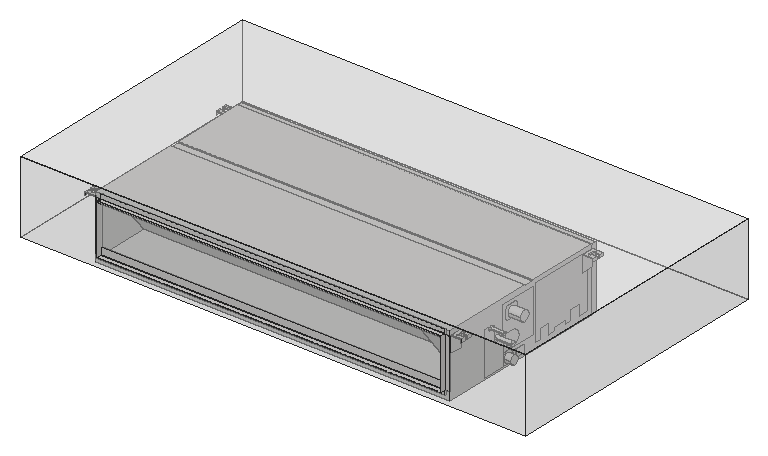
Revit family "outputfile", category 機械設備, Revit 2024
Family settings
  丸型コネクタ寸法 = 半径を使用
  パーツ タイプ = 標準
  OmniClass 番号 = 23.75.10.24.21.27.27
  OmniClass タイトル = Split System Air Conditioning Units
  作業面ベース = いいえ
  常に垂直 = はい
  ロード時にボイドで切り取り = いいえ
  注釈の向きを維持 = いいえ
  共有 = いいえ
  部屋計算ポイント = はい
Parameters (values of type "FDMC140AV1M")
  Description = ""
  書き出し IFC クラス(タイプ) = "IfcUnitaryEquipmentType"
  定義済み IFC タイプ(タイプ) = "AIRCONDITIONINGUNIT"
  Cost = 0
  Type Comments = ""
  Keynote = ""
  Type Image = (empty or 0)
  Assembly Code = ""
  switch_frequency = yes
  connector_voltage = Voltage_50Hz  # 230 V
  connector_powerinput = [Power Input (Cooling)]  # 4.110 kW
  connector_phase = Phase_50Hz  # 1
  URL = ""
  Supply Air Direction [instance] = yes
  製造元 = "Daikin"
  モデル = "FDMC140AV1M"
  w_pipe = 33 mm
  r_Liquid Pipe Size = Liquid Pipe Size / 2  # 4.75 mm
  r_Gas Pipe Size = Gas Pipe Size / 2  # 7.95 mm
  r_Drain Pipe Size = Drain Pipe Size / 2  # 16.0 mm
  lw_powersupply = Width / 2  # 700 mm
  lw_ductflange2 = 1362 mm
  lw_Width = 1362 mm
  lh_suctionflange [instance] = 100 mm
  ld_suctionflange [instance] = 190 mm
  ld_powersupply = 263 mm
  angle_vertical_RA [instance] = 90.00°
  angle horizontal_RA [instance] = 180.00°
  Voltage_comment_50Hz = "220 - 240"
  Voltage_50Hz = 230 V
  Sound Power Level_H speed (dB) = 0
  RA_length = 190 mm  # constant formula
  Phase_50Hz = 1
  Minimum External Static Pressure = 27.00 Pa
  Minimum Circuit Amps_50Hz = 0.0 A
  Maximum Fuse Amps_50Hz = 0.0 A
  Maximum External Static Pressure = 38.00 Pa
  Material_Casing = DAIKIN_GalvanizedSteel_Casing_indoorunit
  lw_liquidpipe = 757.9 mm
  lw_gaspipe = 767.5 mm
  lw_mountinghole_pitch = 1446 mm
  lw_mountinghole = 20 mm
  lw_drainpipe = 726 mm
  lh_powersupply = 43.2 mm
  lh_liquidpipe = 175 mm
  lh_gaspipe = 128 mm
  lh_mountinghole = Height + [h***] - 15 mm  # 235 mm
  lh_drainpipe = 29 mm
  lh_antena = (Height - lh_mountinghole) + 1 mm  # 16 mm
  ld_liquidpipe = 153 mm
  ld_gaspipe = 123 mm
  ld_mountinghole_pitch = 651 mm
  ld_drainpipe = 64 mm
  ld_controlbox = 626 mm
  h*** = 0 mm  # constant formula
  d_dischargeflange = 20 mm  # constant formula
  Width = 1400 mm
  Version = "ver.1.0"
  Unit Type = "Duct"
  Unit Mass Weight = 42.00 kg
  Unit Designation [instance] = ""
  Uniclass2015Version = "Products v1.30"
  Uniclass2015Title = "Split coil room air conditioning units"
  Uniclass2015Code = "Pr_70_65_03_86"
  Total Cooling Capacity [instance] = 0.000 kW
  Sound Pressure Level_M speed (dBA) = 39
  Sound Pressure Level_L speed (dBA) = 36
  Sound Pressure Level_H speed (dBA) = 42
  Series = "SkyAir_Fan Coil Unit"
  Sensible Cooling Capacity [instance] = 0.000 kW
  SA Duct Size Width = 1362 mm
  SA Duct Size Height = 200 mm
  Refrigerant Type = "R32"
  RA Duct Size Width = 1362 mm
  RA Duct Size Height = 214 mm
  Power Input (Cooling) = 4.110 kW
  Option Accessory 3 [instance] = ""
  Option Accessory 2 [instance] = ""
  Option Accessory 1 [instance] = ""
  Nominal Cooling Capacity = 14.070 kW
  Minimum Airflow = 1563.00 m³/h
  Median Airflow = 1860.00 m³/h
  Maximum Airflow = 2141.00 m³/h
  Load Classification = HVAC
  Liquid Pipe Size = 9.5 mm
  Link_Nested Family [instance] = ""
  IfcVersion = ""
  IfcExportType = "AIRCONDITIONINGUNIT"
  IfcExportAs = "IfcUnitaryEquipmentType"
  Height = 250 mm
  Heat Exchanger Type = "Cross Fin Coil"
  Gas Pipe Size = 15.9 mm
  Frequency_50Hz = 50 Hz
  Fan Type = "Sirocco Fan"
  Fan Drive = "-"
  FCU Tag No. [instance] = ""
  Drain Pipe Size = 32.0 mm
  Design Supply Airflow [instance] = 0.00 m³/h
  Design Return Airflow [instance] = 0.00 m³/h
  Design External Static Pressure [instance] = 0.00 Pa
  Depth = 700 mm
  既定の高さ = 0 mm
  Cooling Entering Wet Bulb Temperature [instance] = 0.00 °C
  Cooling Entering Dry Bulb Temperature [instance] = 0.00 °C
  Cooling Ambient Wet Bulb Temperature [instance] = 0.00 °C
  Cooling Ambient Dry Bulb Temperature [instance] = 0.00 °C
  Clearance visibility [instance] = yes
  Clearance Top = 20 mm
  Clearance Right = 300 mm
  Clearance Rear = 400 mm
  Clearance Left = 300 mm
  Clearance Front = 0 mm
  Clearance Bottom = 20 mm
Reference planes
  plane 1 "Center (Front/Back)": y = 0
  plane 2: z = 0
  plane 3 "Center (Left/Right)": x = 0
  plane 4 "Back": y = 350
  plane 5 "Front": y = -350
  plane 6 "Left": x = -700
  plane 7 "Right": x = 700
  plane 8 "Top": z = 0
  plane 9 "Bottom": z = -250
  plane 10: x = 681
  plane 11: x = -680.2
  plane 12: z = -72
  plane 13: z = -75
  plane 14: z = -122
  plane 15: x = -304
  plane 16: x = 304
  plane 17: x = -723
  plane 18: x = 723
  plane 19: x = 757.9
  plane 20: x = 767.5
  plane 21: z = -15
  plane 22 "Clearance Left": x = -1000
  plane 23 "Clearance Right": x = 1000
  plane 24 "Clearance Rear": y = 750
  plane 25 "Clearance Front": y = -350
  plane 26 "Clearance Bottom": z = -270
  plane 27: z = -21
  plane 28: z = -221
  plane 29: y = -123
  plane 30: y = -153
  plane 31: y = -30
  plane 32: y = -64
  plane 33: z = -118
  plane 34: y = -349.2
  plane 35: z = -150
  plane 36: y = 160
  plane 37: z = -151
  plane 38: x = 726
  plane 39: x = 695
  plane 40: x = 565.5
  plane 41: z = 102.5
  plane 42: y = 325.5
  plane 43: y = -325.5
  plane 44: y = 17.5
  plane 45: y = 57
  plane 46: x = 703.2
  plane 47: x = 705.2
  plane 48: y = -370
  plane 49: y = 390
  plane 50: z = -125
  plane 51: z = -70.5
  plane 52: z = -75.133
  plane 53: z = -75.5
  plane 54: z = -126.5
  plane 55: z = -239.8
  plane 56: z = -22.5
  plane 57: z = -192.5
  plane 58: z = -16
  plane 59 "Clearance Top": z = 20
  plane 60: z = -206.8
  plane 61: y = 263
  plane 62: y = -200
  plane 63: y = -300
  plane 64: y = -140
Forms (mm)
  Extrusion 1, solid, material "DAIKIN_GalvanizedSteel_Casing_indoorunit" <- "Material_Casing"
    sketch origin (0, 0, 0) x (1, 0, 0) y (0, 1, 0)
      loop
        line (-700, -349.2) -> (700, -349.2) -> (700, 350) -> (-700, 350) -> (-700, -349.2)
    from -250 to 0
  Extrusion 2, void
    sketch origin (0, 0, 1) x (1, 0, 0) y (0, 1, 0)
      loop
        line (-700, 57) -> (-700, 17.5) -> (700, 17.5) -> (700, 57) -> (-700, 57)
    from -1 to -5
  Extrusion 3, void
    sketch origin (0, 0, 0) x (0, 1, 0) y (0, 0, 1)
      loop
        line (-91.914, -222) -> (-91.914, -246.5) -> (-36.314, -246.5) -> (-36.314, -219.481)
        arc (-36.314, -219.481) -> (-65.261, -194.229) -> (-91.8, -222) r 27.8
    from 700 to 695
  Revolve 4, solid, material "DAIKIN_GalvanizedSteel_Casing_indoorunit" <- "Material_Casing"
    sketch origin (0, 0, -122) x (0, -1, 0) y (1, 0, 0)
      loop
        line (115.05, 700) -> (123, 700) -> (123, 767.5) -> (115.05, 767.5) -> (115.05, 700)
      axis (123, 700) -> (123, 767.5)
    angle from 0 to 360
  Revolve 5, solid, material "DAIKIN_GalvanizedSteel_Casing_indoorunit" <- "Material_Casing"
    sketch origin (0, 0, -75) x (0, -1, 0) y (1, 0, 0)
      loop
        line (153, 700) -> (153, 757.9) -> (148.25, 757.9) -> (148.25, 700) -> (153, 700)
      axis (153, 757.9) -> (153, 700)
    angle from 0 to 360
  Extrusion 6, solid, material "DAIKIN_GalvanizedSteel_Casing_indoorunit" <- "Material_Casing"
    sketch origin (0, 0, 0) x (0, 1, 0) y (0, 0, 1)
      loop
        circle (-64, -221) r 16
    from 726 to 700
  Extrusion 7, solid, material "DAIKIN_GalvanizedSteel_Casing_indoorunit" <- "Material_Casing"
    sketch origin (0, 0, 0) x (0, 1, 0) y (0, 0, 1)
      loop
        line (-180, -70.5) -> (-180, -239.8) -> (-95, -239.8) -> (-95, -126.5) -> (-107, -126.5)
        arc (-107, -126.5) -> (-121.5, -141) -> (-136, -126.5) r 14.5
        line (-136, -126.5) -> (-136, -75.5) -> (-141.006, -75.5)
        arc (-141.006, -75.5) -> (-153.184, -87.131) -> (-165, -75.133) r 12
        line (-165, -75.133) -> (-165, -70.5) -> (-180, -70.5)
      loop
        line (-92, -22.5) -> (-92, -192.5) -> (54, -192.5) -> (54, -22.5) -> (-92, -22.5)
      loop
        line (71, -16) -> (71, -224.802) -> (87.805, -224.802) -> (87.805, -184.607) -> (134.195, -184.606) -> (134.195, -224.802) -> (161, -224.802) -> (161, -212.302) -> (221, -212.303) -> (221, -224.802) -> (239.805, -224.802) -> (239.805, -184.606) -> (286.195, -184.606) -> (286.195, -224.802) -> (321.994, -224.802) -> (321.994, -82) -> (298.5, -82) -> (298.5, -16) -> (71, -16)
    from 700 to 703.2
  Extrusion 8, solid, material "DAIKIN_GalvanizedSteel_Casing_indoorunit" <- "Material_Casing"
    sketch origin (0, 0, 0) x (0, 1, 0) y (0, 0, 1)
      loop
        line (-27.5, -74.5) -> (-27.5, -41.5)
        arc (-27.5, -41.5) -> (-30.136, -35.136) -> (-36.5, -32.5) r 9
        line (-36.5, -32.5) -> (-69.5, -32.5)
        arc (-69.5, -32.5) -> (-75.864, -35.136) -> (-78.5, -41.5) r 9
        line (-78.5, -41.5) -> (-78.5, -74.5)
        arc (-78.5, -74.5) -> (-75.864, -80.864) -> (-69.5, -83.5) r 9
        line (-69.5, -83.5) -> (-36.5, -83.5)
        arc (-36.5, -83.5) -> (-30.136, -80.864) -> (-27.5, -74.5) r 9
      loop
        arc (8, -234.5) -> (9.415, -233.914) -> (10.001, -232.499) r 2.001
        line (10.001, -232.499) -> (9.997, -206.503)
        arc (9.997, -206.503) -> (9.412, -205.091) -> (8, -204.506) r 1.997
        line (8, -204.506) -> (-25.997, -204.506)
        arc (-25.997, -204.506) -> (-27.415, -205.094) -> (-28.002, -206.511) r 2.005
        line (-28.002, -206.511) -> (-28.002, -232.499)
        arc (-28.002, -232.499) -> (-27.416, -233.914) -> (-26.001, -234.5) r 2.001
        line (-26.001, -234.5) -> (8, -234.5)
      loop
        arc (-77.358, -152.358) -> (-25.548, -177.591) -> (-59.394, -130.95) r 29.7
        arc (-59.394, -130.95) -> (-62.843, -131.688) -> (-66.339, -131.219) r 10.3
        line (-66.339, -131.219) -> (-72.946, -129.136)
        arc (-72.946, -129.136) -> (-80.627, -131.374) -> (-81.498, -139.327) r 7.2
        line (-81.498, -139.327) -> (-78.299, -145.472)
        arc (-78.299, -145.472) -> (-77.23, -148.833) -> (-77.358, -152.358) r 10.3
    from 700 to 705.2
  Extrusion 9, solid, material "DAIKIN_GalvanizedSteel_Casing_indoorunit" <- "Material_Casing"
    sketch origin (0, 0, 0) x (0, 1, 0) y (0, 0, 1)
      loop
        circle (-53, -58) r 18.9
    from 700 to 757.9
  Extrusion 10, void
    sketch origin (0, 0, 0) x (0, 1, 0) y (0, 0, 1)
      loop
        line (-350, -18.8) -> (-350, -217.2) -> (-200, -217.2) -> (-349.2, -18.8) -> (-350, -18.8)
    from -680.2 to 681
  Extrusion 11, void
    sketch origin (0, 0, 0) x (0, 1, 0) y (0, 0, 1)
      loop
        line (-350, -18.8) -> (-350, -217.2) -> (-140, -217.2) -> (-300, -18.8) -> (-350, -18.8)
    from -680.2 to 565.5
Cuts and joins
  Extrusion 2, Extrusion 3, Extrusion 10, Extrusion 11 cuts Extrusion 1
  joined: Extrusion 7, Extrusion 8, Extrusion 9
Dimensions and locks
  "Height": plane 8 "Top" to plane 9 "Bottom"
  equal spacing: plane 15, plane 3 "Center (Left/Right)", plane 16, locked at 304 each
  locked: plane 15 to plane 16 at 608
  equal spacing: plane 17, plane 3 "Center (Left/Right)", plane 18
  "lw_mountinghole_pitch": plane 17 to plane 18
  locked: plane 12 to plane 9 "Bottom" at 178
  "lh_liquidpipe": plane 13 to plane 9 "Bottom"
  "lh_gaspipe": plane 14 to plane 9 "Bottom"
  "lh_mountinghole": plane 21 to plane 9 "Bottom"
  equal spacing: plane 6 "Left", plane 3 "Center (Left/Right)", plane 7 "Right"
  "Width": plane 6 "Left" to plane 7 "Right"
  "Clearance Right": plane 7 "Right" to plane 23 "Clearance Right"
  "Clearance Left": plane 22 "Clearance Left" to plane 6 "Left"
  "Clearance Rear": plane 24 "Clearance Rear" to plane 4 "Back"
  "Clearance Front": plane 5 "Front" to plane 25 "Clearance Front"
  locked: plane 8 "Top" to plane 27 at 21
  "Depth": plane 4 "Back" to plane 5 "Front"
  equal spacing: plane 4 "Back", plane 1 "Center (Front/Back)", plane 5 "Front"
  "ld_suctionflange": plane 4 "Back" to plane 36
  locked: plane 37 to plane 9 "Bottom" at 99
  plane 7 "Right" to plane 40 = 134.5 mm
  "r_Gas Pipe Size": nested 6 to Revolve 4 sketch curve
  "r_Liquid Pipe Size": nested 5 to Revolve 5 sketch curve
  equal spacing: plane 42, plane 1 "Center (Front/Back)", plane 43
  "ld_mountinghole_pitch": plane 42 to plane 43
  locked: plane 33 to plane 9 "Bottom" at 132
  "lw_liquidpipe": plane 3 "Center (Left/Right)" to plane 19
  "lw_gaspipe": plane 3 "Center (Left/Right)" to plane 20
  "lw_drainpipe": plane 3 "Center (Left/Right)" to plane 38
  "ld_drainpipe": plane 32 to plane 1 "Center (Front/Back)"
  "ld_gaspipe": plane 29 to plane 1 "Center (Front/Back)"
  "ld_liquidpipe": plane 30 to plane 1 "Center (Front/Back)"
  "lh_drainpipe": plane 28 to plane 9 "Bottom"
  locked: plane 7 "Right" to plane 46 at 3.2
  locked: plane 46 to plane 47 at 2
  equal spacing: plane 8 "Top", plane 50, plane 9 "Bottom"
  plane 51 to plane 52 to plane 53 to plane 54 to plane 55 = 4.633 mm locked, 0.367 mm locked, 51 mm locked, 113.3 mm locked
  plane 8 "Top" to plane 56 to plane 57 = 22.5 mm locked, 170 mm locked
  locked: plane 8 "Top" to plane 58 at 16
  locked: plane 40 to plane 10 at 115.5
  locked: plane 17 to plane 11 at 42.8
  locked: plane 39 to plane 7 "Right" at 5
  "Clearance Top": plane 59 "Clearance Top" to plane 8 "Top"
  "Clearance Bottom": plane 9 "Bottom" to plane 26 "Clearance Bottom"
  "lh_powersupply": plane 60 to plane 9 "Bottom"
  "ld_powersupply": plane 61 to plane 1 "Center (Front/Back)"
  locked: plane 34 to plane 5 "Front" at 0.8
  locked: plane 5 "Front" to plane 48 at 20
  locked: plane 5 "Front" to plane 62 at 150
  plane 5 "Front" to plane 63 to plane 64 = 50 mm locked, 160 mm locked
  "r_Drain Pipe Size": radius of Extrusion 6 sketch curve
  aligned and locked: level to plane 2
  aligned and locked: Extrusion 1 to plane 9 "Bottom"
  aligned and locked: plane 8 "Top" to Extrusion 1
  aligned and locked: Revolve 4 sketch curve to Revolve 4 sketch curve
  aligned and locked: plane 19 to nested 5
  aligned and locked: nested 5 to plane 13
  aligned and locked: plane 18 to nested 2
  aligned and locked: plane 17 to nested 3
  aligned and locked: plane 17 to nested 4
  aligned and locked: nested 6 to plane 14
  aligned and locked: plane 29 to nested 6
  aligned and locked: plane 30 to nested 5
  aligned and locked: Extrusion 6 sketch curve to plane 32
  aligned and locked: plane 8 "Top" to Extrusion 2
  aligned and locked: plane 24 "Clearance Rear" to nested 11
  aligned and locked: plane 23 "Clearance Right" to nested 11
  aligned and locked: plane 22 "Clearance Left" to nested 11
  aligned and locked: nested 11 to plane 25 "Clearance Front"
  aligned and locked: plane 7 "Right" to cut or joined group of Extrusion 1, Extrusion 2, Extrusion 3, Extrusion 10, Extrusion 11  (x3)
  aligned and locked: cut or joined group of Extrusion 1, Extrusion 2, Extrusion 3, Extrusion 10, Extrusion 11 to plane 39
  aligned and locked: plane 38 to Extrusion 6
  aligned and locked: plane 20 to nested 6
  aligned and locked: plane 3 "Center (Left/Right)" to nested 12
  aligned and locked: plane 18 to nested 1
  aligned and locked: plane 32 to nested 7
  aligned and locked: nested 7 to plane 28
  aligned and locked: plane 38 to nested 7
  aligned and locked: nested 9 to plane 1 "Center (Front/Back)"
  aligned and locked: plane 3 "Center (Left/Right)" to nested 9
  aligned and locked: plane 33 to nested 8
  aligned and locked: level to plane 8 "Top"
  aligned and locked: plane 42 to nested 1
  aligned and locked: plane 43 to nested 2
  aligned and locked: nested 4 to plane 42
  aligned and locked: nested 3 to plane 43
  aligned and locked: nested 12 to plane 21
  aligned and locked: cut or joined group of Extrusion 1, Extrusion 2, Extrusion 3, Extrusion 10, Extrusion 11 to plane 34
  aligned and locked: nested 13 to plane 33
  aligned and locked: Extrusion 2 sketch curve to plane 6 "Left"
  aligned and locked: plane 7 "Right" to Extrusion 2 sketch curve
  aligned and locked: plane 44 to Extrusion 2 sketch curve
  aligned and locked: plane 45 to Extrusion 2 sketch curve
  aligned and locked: plane 3 "Center (Left/Right)" to nested 10
  aligned and locked: nested 10 to plane 4 "Back"
  aligned and locked: plane 46 to Extrusion 7
  aligned and locked: Extrusion 7 to plane 7 "Right"
  aligned and locked: Extrusion 8 to plane 7 "Right"
  aligned and locked: plane 47 to Extrusion 8
  aligned and locked: plane 19 to Extrusion 9
  aligned and locked: Extrusion 9 to plane 7 "Right"
  aligned and locked: nested 8 to plane 48
  aligned and locked: plane 49 to nested 14
  aligned and locked: nested 14 to plane 3 "Center (Left/Right)"
  aligned and locked: nested 14 to plane 50
  aligned and locked: plane 54 to Extrusion 7 sketch curve  (x2)
  aligned and locked: plane 52 to Extrusion 7 sketch curve
  aligned and locked: plane 56 to Extrusion 7 sketch curve
  aligned and locked: plane 57 to Extrusion 7 sketch curve
  aligned and locked: plane 58 to Extrusion 7 sketch curve
  aligned and locked: plane 3 "Center (Left/Right)" to nested 13
  aligned and locked: plane 59 "Clearance Top" to nested 11
  aligned and locked: nested 11 to plane 26 "Clearance Bottom"
  aligned and locked: plane 7 "Right" to nested 15
  aligned and locked: nested 15 to plane 60
  aligned and locked: plane 34 to nested 13
  aligned and locked: plane 5 "Front" to Extrusion 10 sketch curve
  aligned and locked: cut or joined group of Extrusion 1, Extrusion 2, Extrusion 3, Extrusion 10, Extrusion 11 to plane 11  (x2)
  aligned and locked: plane 10 to cut or joined group of Extrusion 1, Extrusion 2, Extrusion 3, Extrusion 10, Extrusion 11
  aligned and locked: Extrusion 11 sketch curve to plane 5 "Front"
  aligned and locked: plane 63 to Extrusion 11 sketch curve
  aligned and locked: plane 64 to Extrusion 11 sketch curve
  aligned and locked: cut or joined group of Extrusion 1, Extrusion 2, Extrusion 3, Extrusion 10, Extrusion 11 to plane 40
  aligned and locked: Extrusion 6 to plane 7 "Right"
  aligned and locked: Revolve 4 to plane 7 "Right"
  aligned and locked: Revolve 5 to plane 7 "Right"
Automatic sketch dimensions
  Extrusion 1 sketch curve to plane 4 "Back" = 0 mm
  Extrusion 1 sketch curve to plane 6 "Left" = 0 mm
  Extrusion 1 sketch curve to plane 7 "Right" = 0 mm
  plane 34 to Extrusion 1 sketch curve = 0 mm
  Extrusion 6 sketch curve to plane 28 = 0 mm
  Revolve 4 sketch curve to plane 20 = 0 mm
  Revolve 4 sketch curve to plane 29 = 0 mm
  Revolve 4 sketch curve to Revolve 4 sketch curve = 2.003 mm
  plane 20 to Revolve 4 sketch curve = 1.003 mm
  Revolve 5 sketch curve to plane 30 = 0 mm  (x2)
  Revolve 5 sketch curve to plane 19 = 0 mm  (x2)
  Revolve 5 sketch curve to plane 7 "Right" = 0 mm
  Revolve 5 sketch curve to Revolve 5 sketch curve = 1 mm
  Revolve 4 sketch curve to plane 7 "Right" = 0 mm
  plane 9 "Bottom" to Extrusion 3 sketch curve = 3.5 mm
  Extrusion 3 sketch curve to plane 31 = 6.314 mm
  Extrusion 3 sketch curve to plane 28 = 1 mm  (x2)
  plane 32 to Extrusion 3 sketch curve = 0 mm
  Extrusion 3 sketch curve to Extrusion 3 sketch curve = 0.114 mm
  Extrusion 8 sketch curve to plane 32 = 14.5 mm
  plane 13 to Extrusion 8 sketch curve = 0.5 mm  (x2)
  Extrusion 8 sketch curve to plane 32 = 5.5 mm  (x2)
  Extrusion 8 sketch curve to plane 31 = 6.5 mm  (x2)
  Extrusion 8 sketch curve to plane 27 = 20.5 mm
  plane 31 to Extrusion 8 sketch curve = 1.998 mm
  Extrusion 8 sketch curve to Extrusion 8 sketch curve = 2.001 mm  (x2)
  Extrusion 8 sketch curve to Extrusion 8 sketch curve = 2.005 mm
  Extrusion 8 sketch curve to plane 1 "Center (Front/Back)" = 8 mm  (x2)
  plane 28 to Extrusion 8 sketch curve = 16.494 mm
  Extrusion 8 sketch curve to Extrusion 8 sketch curve = 1.994 mm
  Extrusion 8 sketch curve to Extrusion 8 sketch curve = 1.997 mm
  Extrusion 8 sketch curve to plane 32 = 17.498 mm
  Extrusion 8 sketch curve to plane 35 = 0.228 mm
  Extrusion 8 sketch curve to Extrusion 8 sketch curve = 5.937 mm
  plane 35 to Extrusion 8 sketch curve = 4.528 mm
  Extrusion 8 sketch curve to Extrusion 8 sketch curve = 3.199 mm
  Extrusion 8 sketch curve to Extrusion 8 sketch curve = 6.386 mm
  Extrusion 8 sketch curve to plane 14 = 7.136 mm
  Extrusion 8 sketch curve to Extrusion 8 sketch curve = 2.165 mm
  Extrusion 8 sketch curve to plane 32 = 2.339 mm
  plane 32 to Extrusion 8 sketch curve = 0.758 mm
  Extrusion 8 sketch curve to plane 37 = 7.5 mm
  plane 32 to Extrusion 8 sketch curve = 15.7 mm
  Extrusion 8 sketch curve to Extrusion 8 sketch curve = 6.145 mm
  Extrusion 8 sketch curve to Extrusion 8 sketch curve = 2.083 mm
  plane 14 to Extrusion 8 sketch curve = 0.604 mm
  Extrusion 8 sketch curve to Extrusion 8 sketch curve = 0 mm
  plane 32 to Extrusion 9 sketch curve = 11 mm
  plane 12 to Extrusion 9 sketch curve = 14 mm
  Extrusion 7 sketch curve to plane 30 = 0 mm
  Extrusion 7 sketch curve to plane 30 = 27 mm
  Extrusion 7 sketch curve to plane 13 = 0.5 mm
  Extrusion 7 sketch curve to Extrusion 7 sketch curve = 5.006 mm
  plane 12 to Extrusion 7 sketch curve = 1.5 mm
  Extrusion 7 sketch curve to Extrusion 7 sketch curve = 12 mm
  Extrusion 7 sketch curve to plane 30 = 12 mm
  plane 29 to Extrusion 7 sketch curve = 1.5 mm
  Extrusion 7 sketch curve to plane 32 = 28 mm
  Extrusion 7 sketch curve to Extrusion 7 sketch curve = 17 mm
  Extrusion 7 sketch curve to plane 28 = 3.802 mm  (x8)
  Extrusion 7 sketch curve to plane 42 = 27 mm
  Extrusion 7 sketch curve to plane 42 = 3.506 mm  (x2)
  Extrusion 7 sketch curve to plane 53 = 6.5 mm
  plane 57 to Extrusion 7 sketch curve = 7.893 mm
  Extrusion 7 sketch curve to Extrusion 7 sketch curve = 0 mm  (x2)
  plane 57 to Extrusion 7 sketch curve = 7.894 mm  (x2)
  plane 36 to Extrusion 7 sketch curve = 1 mm  (x2)
  plane 28 to Extrusion 7 sketch curve = 8.697 mm
  Extrusion 3 sketch curve to Extrusion 3 sketch curve = 27.914 mm
  Extrusion 7 sketch curve to plane 55 = 0 mm
  Extrusion 8 sketch curve to plane 28 = 11.499 mm
  Extrusion 7 sketch curve to Extrusion 7 sketch curve = 60 mm
  Extrusion 10 sketch curve to plane 34 = 0 mm
  plane 28 to Extrusion 10 sketch curve = 3.8 mm
  plane 27 to Extrusion 10 sketch curve = 2.2 mm
  Extrusion 10 sketch curve to plane 30 = 47 mm
  plane 28 to Extrusion 11 sketch curve = 3.8 mm
  plane 27 to Extrusion 11 sketch curve = 2.2 mm
  radius of Extrusion 9 sketch curve = 18.9 mm
Nested families
  nested 1: "daikin_mountinghole" at (723, 325.5, -250), l_antenna <- "lh_antena", Link_Nested Family <- "Link_Nested Family", h_mountinghole <- "lh_mountinghole", type "daikin_mountinghole"
    with show yes, l_antenna 16 mm, h_mountinghole 235 mm, Link_Nested Family ""
  nested 2: "daikin_mountinghole" at (723, -325.5, -250), Link_Nested Family <- "Link_Nested Family", l_antenna <- "lh_antena", h_mountinghole <- "lh_mountinghole", type "daikin_mountinghole"
    with show yes, l_antenna 16 mm, h_mountinghole 235 mm, Link_Nested Family ""
  nested 3: "daikin_mountinghole" at (-723, -325.5, -250), l_antenna <- "lh_antena", Link_Nested Family <- "Link_Nested Family", h_mountinghole <- "lh_mountinghole", type "daikin_mountinghole"
    with show yes, l_antenna 16 mm, h_mountinghole 235 mm, Link_Nested Family ""
  nested 4: "daikin_mountinghole" at (-723, 325.5, -250), l_antenna <- "lh_antena", Link_Nested Family <- "Link_Nested Family", h_mountinghole <- "lh_mountinghole", type "daikin_mountinghole"
    with show yes, l_antenna 16 mm, h_mountinghole 235 mm, Link_Nested Family ""
  nested 5: "daikin_connector_rotate2" at (0, -153, -75) x (0, 1, 0) z (0, 0, 1), length <- "lw_liquidpipe", built-in parameter 1001364 <- "lh_liquidpipe", radius <- "r_Liquid Pipe Size", type "daikin_connector_rotate2"
    with radius 4.75 mm, length 757.9 mm, angle_vertical 90.00°
  nested 6: "daikin_connector_rotate2" at (0, -123, -122) x (0, 1, 0) z (0, 0, 1), length <- "lw_gaspipe", built-in parameter 1001364 <- "lh_gaspipe", radius <- "r_Gas Pipe Size", type "daikin_connector_rotate2"
    with radius 7.95 mm, length 767.5 mm, angle_vertical 90.00°
  nested 7: "daikin_connector_rotate2" at (0, -64, -221) x (0, 1, 0) z (0, 0, 1), built-in parameter 1001364 <- "lh_drainpipe", length <- "lw_drainpipe", radius <- "r_Drain Pipe Size", type "daikin_connector_rotate2"
    with radius 16 mm, length 726 mm, angle_vertical 90.00°
  nested 8: "daikin_connector_rotate2" at (0, -350, -118), length <- "d_dischargeflange", type "daikin_connector_rotate2"
    with radius 10 mm, length 20 mm, angle_vertical 90.00°
  nested 9: "daikin_△_symbolicline" at (-75, -129.904, 250) x (-0.5, 0.866, 0) z (0, 0, 1), built-in parameter 1001364 <- "Height", visible <- "Supply Air Direction", type "daikin_△_symbolicline"
    with length 300 mm
  nested 10: "daikin_ductflange_FDMC-AV1M_1" at (0, 350, -125), material <- "Material_Casing", width <- "lw_ductflange2", type "daikin_ductflange_FDMC-AV1M_1"
    with width 1362 mm, material DAIKIN_GalvanizedSteel_Casing_indoorunit, height 214 mm, depth 40 mm
  nested 11: "daikin_clearancespace" at (0, 200, -124.881), visible <- "Clearance visibility", show <- "Clearance visibility", Link_Nested Family <- "Link_Nested Family", type "daikin_clearancespace"
    with width 2000 mm, show yes, height 290 mm, depth 1100 mm, Link_Nested Family ""
  nested 12: "daikin_hangerfixture_FDMC-AV1M" at (0, 0, -15), type "daikin_hangerfixture_FDMC-AV1M"
    with width 1400 mm
  nested 13: "daikin_ductflange_FDMC-AV1M" at (0, -35.7, -407.401), width <- "lw_Width", material <- "Material_Casing", type "daikin_ductflange_FDMC-AV1M"
    with width 1362 mm, material DAIKIN_GalvanizedSteel_Casing_indoorunit, height 200 mm, depth 20.8 mm
  nested 14: "daikin_connector_rotate2" at (0, 350, -125) x (-1, 0, 0) z (0, 0, 1), type "daikin_connector_rotate2"
    with radius 10 mm, length 40 mm, angle_vertical 90.00°
  nested 15: "daikin_connector_rotate2" at (0, 263, -206.8) x (0, 1, 0) z (0, 0, 1), length <- "lw_powersupply", built-in parameter 1001364 <- "lh_powersupply", type "daikin_connector_rotate2"
    with radius 10 mm, length 700 mm, angle_vertical 90.00°
Connectors
  piping at (767.5, -123, -122), diameter 15.9, driven by "r_Gas Pipe Size"
    settings: on nested 6, index 1, connector inside diameter 609.6 mm, connector length 0 mm, flow factor 0, pipe flow 0.00 m³/h, pressure drop 0.0 Pa, fitting loss kfactor 0, connector angle 0.00°, fixture units 0, engagement length 0 mm, angle of deflection 0.00°, flow configuration 1, flow direction 2, fitting loss method 0, system type 29, joint type 0, gender type 0, connector reference index -1, connector utility 0, adjustable connector no, is connector primary yes, connector description "Refrigerant Gas Piping"
  piping at (757.9, -153, -75), diameter 9.5, driven by "r_Liquid Pipe Size"
    settings: on nested 5, index 2, connector inside diameter 609.6 mm, connector length 0 mm, flow factor 0, pipe flow 0.00 m³/h, pressure drop 0.0 Pa, fitting loss kfactor 0, connector angle 0.00°, fixture units 0, engagement length 0 mm, angle of deflection 0.00°, flow configuration 1, flow direction 1, fitting loss method 0, system type 29, joint type 0, gender type 0, connector reference index -1, connector utility 0, adjustable connector no, is connector primary no, connector description "Refrigerant Liquid Piping"
  piping at (726, -64, -221), diameter 32, driven by "r_Drain Pipe Size"
    settings: on nested 7, index 3, connector inside diameter 609.6 mm, connector length 0 mm, flow factor 0, pipe flow 0.00 m³/h, pressure drop 0.0 Pa, fitting loss kfactor 0, connector angle 0.00°, fixture units 0, engagement length 0 mm, angle of deflection 0.00°, flow configuration 1, flow direction 2, fitting loss method 4, system type 16, joint type 0, gender type 0, connector reference index -1, connector utility 0, adjustable connector no, is connector primary no, connector description "Condensate Drain Piping"
  hvac at (0, -370, -118), driven by "SA Duct Size Height", driven by "SA Duct Size Width"
    settings: on nested 8, index 7, duct flow 0.00 m³/h, flow factor 0, pres drop 0.00 Pa, loss coef 0, conn angle 0.00°, conn width 1362.0 mm, conn height 200.0 mm, conn diameter 609.6 mm, duct sys type 1, conn prof type 1, flow config 0, flow direction 2, loss method 4, conn ref index -1, conn util no, is conn primary yes, conn desc "SA Duct"
  hvac at (0, 390, -125), driven by "RA Duct Size Width", driven by "RA Duct Size Height"
    settings: on nested 14, index 8, duct flow 0.00 m³/h, flow factor 0, pres drop 0.00 Pa, loss coef 0, conn angle 0.00°, conn width 1362.0 mm, conn height 214.0 mm, conn diameter 609.6 mm, duct sys type 2, conn prof type 1, flow config 0, flow direction 1, loss method 4, conn ref index -1, conn util no, is conn primary no, conn desc "RA Duct"
  electrical at (700, 263, -206.8), driven by "Load Classification", driven by "connector_powerinput", driven by "connector_voltage", driven by "connector_phase"
    settings: on nested 15, index 9, voltage 230 V, apparent load 4110 VA, apparent load phase1 0 VA, apparent load phase2 0 VA, apparent load phase3 0 VA, power factor 1, load classification "HVAC", number of poles 1, system type 30, power factor state 1, is connector primary yes, connector utility no, sub classification motor no, connector description "Power Supply"
Definition of nested family "daikin_ductflange_FDMC-AV1M_1"
  Parameters (values of type "daikin_ductflange_FXDQ-NDVET2")
    width [instance] = 662 mm
    material [instance] = none
    height [instance] = 214 mm
    depth [instance] = 40 mm
    Default Elevation = 0 mm
  Reference planes
    plane 1 "Center (Front/Back)": y = 0
    plane 2: z = 0
    plane 3 "Center (Left/Right)": x = 0
    plane 4: x = -331
    plane 5: x = 331
    plane 6: z = 107
    plane 7: z = -107
    plane 8: x = -350
    plane 9: x = 350
    plane 10: z = 124
    plane 11: z = -124
    plane 12: y = 20
    plane 13: x = -330.2
    plane 14: x = 330.2
    plane 15: z = 106.2
    plane 16: z = -106.2
    plane 17: y = 40
    plane 18: x = -330.2
    plane 19: z = 106.2
    plane 20: z = -106.2
    plane 21: x = 330.2
  Forms (mm)
    Extrusion 1, solid, material <- "material"
      sketch origin (0, 0, 0) x (1, 0, 0) y (0, 0, 1)
        loop
          line (-330.2, 106.2) -> (-330.2, -106.2) -> (330.2, -106.2) -> (330.2, 106.2) -> (-330.2, 106.2)
        loop
          line (-350, 124) -> (-350, -124) -> (350, -124) -> (350, 124) -> (-350, 124)
      from 0 to -20
    Extrusion 2, solid, material <- "material"
      sketch origin (0, 0, 0) x (1, 0, 0) y (0, 0, 1)
        loop
          line (-331, 107) -> (-331, -107) -> (331, -107) -> (331, 107) -> (-331, 107)
        loop
          line (-330.2, 106.2) -> (-330.2, -106.2) -> (330.2, -106.2) -> (330.2, 106.2) -> (-330.2, 106.2)
      from -40 to -20
  Cuts and joins
    joined: Extrusion 1, Extrusion 2
  Dimensions and locks
    equal spacing: plane 5, plane 3 "Center (Left/Right)", plane 4
    "width": plane 5 to plane 4
    equal spacing: plane 6, level, plane 7
    "height": plane 6 to plane 7
    locked: plane 4 to plane 8 at 19
    locked: plane 9 to plane 5 at 19
    locked: plane 10 to plane 6 at 17
    locked: plane 7 to plane 11 at 17
    locked: plane 1 "Center (Front/Back)" to plane 12 at 20
    locked: plane 13 to plane 4 at 0.8
    locked: plane 5 to plane 14 at 0.8
    locked: plane 6 to plane 15 at 0.8
    locked: plane 16 to plane 7 at 0.8
    locked: plane 12 to plane 17 at 20
    locked: plane 18 to plane 4 at 0.8
    locked: plane 5 to plane 21 at 0.8
    locked: plane 6 to plane 19 at 0.8
    locked: plane 20 to plane 7 at 0.8
    locked: plane 1 "Center (Front/Back)" to plane 17 at 40
    aligned and locked: level to plane 2
    aligned and locked: Extrusion 1 sketch curve to plane 10
    aligned and locked: plane 8 to Extrusion 1 sketch curve
    aligned and locked: Extrusion 1 sketch curve to plane 9
    aligned and locked: Extrusion 1 to plane 12
    aligned and locked: plane 1 "Center (Front/Back)" to Extrusion 1
    aligned and locked: Extrusion 1 sketch curve to plane 15
    aligned and locked: plane 13 to Extrusion 1 sketch curve
    aligned and locked: plane 16 to Extrusion 1 sketch curve
    aligned and locked: plane 11 to Extrusion 1 sketch curve
    aligned and locked: Extrusion 1 sketch curve to plane 14
    aligned and locked: Extrusion 2 sketch curve to plane 6
    aligned and locked: plane 4 to Extrusion 2 sketch curve
    aligned and locked: plane 7 to Extrusion 2 sketch curve
    aligned and locked: Extrusion 2 sketch curve to plane 5
    aligned and locked: Extrusion 2 sketch curve to Extrusion 1  (x4)
    aligned and locked: Extrusion 2 to plane 17
    aligned and locked: Extrusion 2 to Extrusion 1
  Automatic sketch dimensions
    Extrusion 1 sketch curve to plane 10 = 0 mm
Definition of nested family "daikin_clearancespace"
  Parameters (values of type "daikin_clearancespace")
    Description = "daikin_clearancespace"
    width [instance] = 1823.963 mm
    show [instance] = yes
    material = none
    height [instance] = 1359.762 mm
    depth [instance] = 880 mm
    Default Elevation = 0 mm
    Link_Nested Family [instance] = ""
  Reference planes
    plane 1 "Center (Front/Back)": y = 0
    plane 2 "Center (Elevation)": z = -0.119
    plane 3 "Center (Left/Right)": x = 0
    plane 4: y = 440
    plane 5: y = -440
    plane 6 "Right": x = 911.982
    plane 7 "Left": x = -911.982
    plane 8 "Top": z = 679.762
    plane 9 "Bottom": z = -680
  Forms (mm)
    Extrusion 1, solid, material <- "material", visible <- "show"
      sketch origin (0, 0, 0) x (1, 0, 0) y (0, 1, 0)
        loop
          line (-911.982, 440) -> (-911.982, -440) -> (911.982, -440) -> (911.982, 440) -> (-911.982, 440)
      from -680 to 679.762
  Lines and regions (mm)
    symbolic lines, visible <- "show"
      curve 1: line (911.982, 440, 0) -> (-911.982, 440, 0)
      curve 2: line (-911.982, 440, 0) -> (-911.982, -440, 0)
      curve 3: line (-911.982, -440, 0) -> (911.982, -440, 0)
      curve 4: line (911.982, -440, 0) -> (911.982, 440, 0)
      curve 5: line (911.982, 0, 679.762) -> (-911.982, 0, 679.762)
      curve 6: line (911.982, 0, -680) -> (911.982, 0, 679.762)
      curve 7: line (-911.982, 0, -680) -> (911.982, 0, -680)
      curve 8: line (-911.982, 0, 679.762) -> (-911.982, 0, -680)
      curve 9: line (0, 440, 679.762) -> (0, -440, 679.762)
      curve 10: line (0, -440, 679.762) -> (0, -440, -680)
      curve 11: line (0, 440, -680) -> (0, 440, 679.762)
      curve 12: line (0, -440, -680) -> (0, 440, -680)
  Dimensions and locks
    "width": plane 7 "Left" to plane 6 "Right"
    "depth": plane 4 to plane 5
    "height": plane 8 "Top" to plane 9 "Bottom"
    equal spacing: plane 7 "Left", plane 3 "Center (Left/Right)", plane 6 "Right"
    equal spacing: plane 4, plane 1 "Center (Front/Back)", plane 5
    equal spacing: plane 8 "Top", plane 2 "Center (Elevation)", plane 9 "Bottom"
    aligned and locked: level to plane 2 "Center (Elevation)"
    aligned and locked: Extrusion 1 sketch curve to plane 4
    aligned and locked: plane 7 "Left" to Extrusion 1 sketch curve
    aligned and locked: Extrusion 1 sketch curve to plane 5
    aligned and locked: Extrusion 1 sketch curve to plane 6 "Right"
    aligned and locked: plane 8 "Top" to Extrusion 1
    aligned and locked: curve 1 to Extrusion 1
    aligned and locked: curve 2 to Extrusion 1
    aligned and locked: curve 3 to Extrusion 1
    aligned and locked: curve 4 to Extrusion 1
    aligned and locked: curve 5 to Extrusion 1
    aligned and locked: curve 6 to Extrusion 1
    aligned and locked: curve 7 to Extrusion 1
    aligned and locked: curve 8 to Extrusion 1
    aligned and locked: curve 9 to Extrusion 1
    aligned and locked: curve 10 to Extrusion 1
    aligned and locked: curve 11 to Extrusion 1
    aligned and locked: curve 12 to Extrusion 1
    aligned and locked: Extrusion 1 to plane 9 "Bottom"
Definition of nested family "daikin_hangerfixture_FDMC-AV1M"
  Parameters (values of type "daikin_hangerfixture_FDMFC-AV1M")
    width = 700 mm
    material = none
    height = 65 mm
    depth = 700 mm
    Default Elevation = 0 mm
  Reference planes
    plane 1 "Center (Front/Back)": y = 0
    plane 2: z = 0
    plane 3 "Center (Left/Right)": x = 0
    plane 4: x = 350
    plane 5: y = 350
    plane 6: y = -350
    plane 7: x = -350
    plane 8: z = -65
    plane 9: y = 325.5
    plane 10: y = -325.5
    plane 11: y = 302
    plane 12: y = -302
    plane 13: x = 373
    plane 14: x = -373
  Forms (mm)
    Extrusion 1, void
      sketch origin (0, 0, 0) x (-1, 0, 0) y (0, -1, 0)
        loop
          arc (366.995, -334.5) -> (373, -340.5) -> (378.995, -334.489) r 6
          line (378.995, -334.489) -> (378.995, -333)
          arc (378.995, -333) -> (379.288, -332.293) -> (379.995, -332) r 1
          line (379.995, -332) -> (394.995, -332) -> (394.995, -319) -> (379.995, -319)
          arc (379.995, -319) -> (379.288, -318.707) -> (378.995, -318) r 1
          line (378.995, -318) -> (378.995, -316.464)
          arc (378.995, -316.464) -> (372.977, -310.5) -> (366.995, -316.5) r 6
          line (366.995, -316.5) -> (366.995, -334.5)
        loop
          line (367.28, 334.5) -> (367.28, 316.5)
          arc (367.28, 316.5) -> (373, 310.507) -> (379.254, 315.94) r 6
          line (379.254, 315.94) -> (379.254, 318)
          arc (379.254, 318) -> (379.547, 318.707) -> (380.254, 319) r 1
          line (380.254, 319) -> (395.254, 319) -> (395.254, 332) -> (380.254, 332)
          arc (380.254, 332) -> (379.547, 332.293) -> (379.254, 333) r 1
          line (379.254, 333) -> (379.254, 334.5)
          arc (379.254, 334.5) -> (373.267, 340.487) -> (367.28, 334.5) r 5.987
      from -254.96 to 618
    Extrusion 2, solid, material <- "material"
      sketch origin (0, 0, 0) x (-1, 0, 0) y (0, 0, 1)
        loop
          line (350, 0) -> (350, -65) -> (352.3, -65) -> (352.3, -2.3) -> (392.7, -2.3) -> (392.7, -12) -> (395, -12) -> (395, 0) -> (350, 0)
      from -349.5 to -301.5
    Extrusion 3, solid, material <- "material"
      sketch origin (0, 0, 0) x (1, 0, 0) y (0, 0, 1)
        loop
          line (350, 0) -> (350, -65) -> (352.3, -65) -> (352.3, -2.3) -> (392.7, -2.3) -> (392.7, -12) -> (395, -12) -> (395, 0) -> (350, 0)
      from -349.5 to -301.5
    Extrusion 4, void
      sketch origin (0, 0, 0) x (1, 0, 0) y (0, 1, 0)
        loop
          line (366.995, 334.5) -> (366.995, 316.5)
          arc (366.995, 316.5) -> (372.977, 310.5) -> (378.995, 316.464) r 6
          line (378.995, 316.464) -> (378.995, 318)
          arc (378.995, 318) -> (379.288, 318.707) -> (379.995, 319) r 1
          line (379.995, 319) -> (394.995, 319) -> (394.995, 332) -> (379.995, 332)
          arc (379.995, 332) -> (379.288, 332.293) -> (378.995, 333) r 1
          line (378.995, 333) -> (378.995, 334.489)
          arc (378.995, 334.489) -> (373, 340.5) -> (366.995, 334.5) r 6
        loop
          arc (367.026, -334.5) -> (373.026, -340.5) -> (379.026, -334.5) r 6
          line (379.026, -334.5) -> (379.026, -333)
          arc (379.026, -333) -> (379.319, -332.293) -> (380.026, -332) r 1
          line (380.026, -332) -> (395.026, -332) -> (395.026, -319) -> (380.026, -319)
          arc (380.026, -319) -> (379.319, -318.707) -> (379.026, -318) r 1
          line (379.026, -318) -> (379.026, -316.448)
          arc (379.026, -316.448) -> (373, -310.5) -> (367.026, -316.5) r 6
          line (367.026, -316.5) -> (367.026, -334.5)
      from -254.96 to 618
    Extrusion 5, solid, material <- "material"
      sketch origin (0, 0, 0) x (1, 0, 0) y (0, 0, -1)
        loop
          line (350, 0) -> (395, 0) -> (395, 12) -> (392.7, 12) -> (392.7, 2.3) -> (352.3, 2.3) -> (352.3, 65) -> (350, 65) -> (350, 0)
      from -349.5 to -301.5
    Extrusion 6, solid, material <- "material"
      sketch origin (0, 0, 0) x (-1, 0, 0) y (0, 0, -1)
        loop
          line (350, 0) -> (395, 0) -> (395, 12) -> (392.7, 12) -> (392.7, 2.3) -> (352.3, 2.3) -> (352.3, 65) -> (350, 65) -> (350, 0)
      from -349.5 to -301.5
  Cuts and joins
    Extrusion 1 cuts Extrusion 2
    Extrusion 4 cuts Extrusion 3
    Extrusion 4 cuts Extrusion 5
    Extrusion 1 cuts Extrusion 6
  Dimensions and locks
    equal spacing: plane 5, plane 1 "Center (Front/Back)", plane 6
    "depth": plane 5 to plane 6
    plane 6 to plane 1 "Center (Front/Back)" to plane 5 = 350 mm, 350 mm
    equal spacing: plane 4, plane 3 "Center (Left/Right)", plane 7
    "width": plane 4 to plane 7
    "height": level to plane 8
    equal spacing: plane 10, plane 1 "Center (Front/Back)", plane 9
    plane 10 to plane 9 = 651 mm
    plane 5 to plane 11 = 48 mm
    plane 12 to plane 6 = 48 mm
    locked: plane 7 to plane 14 at 23
    locked: plane 13 to plane 4 at 23
    plane 14 to plane 13 = 746 mm
    aligned and locked: level to plane 2
  Automatic sketch dimensions
    Extrusion 1 sketch curve to plane 7 = 17.28 mm
    Extrusion 1 sketch curve to plane 7 = 16.995 mm
    Extrusion 1 sketch curve to Extrusion 1 sketch curve = 5.987 mm  (x2)
    Extrusion 1 sketch curve to Extrusion 1 sketch curve = 6 mm  (x5)
    Extrusion 1 sketch curve to Extrusion 1 sketch curve = 5.974 mm
    Extrusion 1 sketch curve to Extrusion 1 sketch curve = 1 mm  (x5)
    plane 9 to Extrusion 1 sketch curve = 6.5 mm
    Extrusion 1 sketch curve to Extrusion 1 sketch curve = 15 mm  (x2)
    plane 10 to Extrusion 1 sketch curve = 6.5 mm
    Extrusion 1 sketch curve to plane 9 = 6.5 mm
    Extrusion 1 sketch curve to Extrusion 1 sketch curve = 1.49 mm
    plane 9 to Extrusion 1 sketch curve = 9 mm
    Extrusion 1 sketch curve to plane 10 = 9.56 mm
    Extrusion 1 sketch curve to Extrusion 1 sketch curve = 2.06 mm
    Extrusion 1 sketch curve to plane 10 = 6.5 mm
    Extrusion 1 sketch curve to Extrusion 1 sketch curve = 1.5 mm
    Extrusion 1 sketch curve to Extrusion 1 sketch curve = 0 mm  (x4)
    Extrusion 2 sketch curve to plane 7 = 0 mm
    Extrusion 2 sketch curve to plane 8 = 0 mm
    Extrusion 2 sketch curve to level = 0 mm
    Extrusion 2 sketch curve to plane 7 = 2.3 mm
    Extrusion 2 sketch curve to level = 2.3 mm
    Extrusion 2 sketch curve to Extrusion 2 sketch curve = 40.4 mm
    Extrusion 2 sketch curve to Extrusion 2 sketch curve = 2.3 mm
    Extrusion 2 sketch curve to Extrusion 2 sketch curve = 9.7 mm
    Extrusion 3 sketch curve to plane 4 = 0 mm
    Extrusion 3 sketch curve to plane 8 = 0 mm
    Extrusion 3 sketch curve to level = 0 mm
    plane 4 to Extrusion 3 sketch curve = 2.3 mm
    Extrusion 3 sketch curve to level = 2.3 mm
    Extrusion 3 sketch curve to Extrusion 3 sketch curve = 40.4 mm
    Extrusion 3 sketch curve to Extrusion 3 sketch curve = 2.3 mm
    Extrusion 3 sketch curve to Extrusion 3 sketch curve = 9.7 mm
    plane 4 to Extrusion 4 sketch curve = 17.026 mm
    plane 4 to Extrusion 4 sketch curve = 16.995 mm
    Extrusion 4 sketch curve to Extrusion 4 sketch curve = 6 mm  (x8)
    Extrusion 4 sketch curve to Extrusion 4 sketch curve = 1 mm  (x6)
    plane 9 to Extrusion 4 sketch curve = 6.5 mm
    Extrusion 4 sketch curve to Extrusion 4 sketch curve = 15 mm  (x2)
    plane 10 to Extrusion 4 sketch curve = 6.5 mm
    Extrusion 4 sketch curve to Extrusion 4 sketch curve = 1.5 mm
    Extrusion 4 sketch curve to plane 10 = 6.5 mm
    Extrusion 4 sketch curve to plane 10 = 9 mm
    Extrusion 4 sketch curve to Extrusion 4 sketch curve = 2.536 mm
    Extrusion 4 sketch curve to plane 9 = 6.5 mm
    Extrusion 4 sketch curve to Extrusion 4 sketch curve = 1.49 mm
    Extrusion 4 sketch curve to Extrusion 4 sketch curve = 0 mm  (x4)
    Extrusion 5 sketch curve to plane 4 = 0 mm
    Extrusion 5 sketch curve to plane 8 = 0 mm
    Extrusion 5 sketch curve to level = 0 mm
    plane 4 to Extrusion 5 sketch curve = 2.3 mm
    Extrusion 5 sketch curve to level = 2.3 mm
    Extrusion 5 sketch curve to Extrusion 5 sketch curve = 40.4 mm
    Extrusion 5 sketch curve to Extrusion 5 sketch curve = 2.3 mm
    Extrusion 5 sketch curve to Extrusion 5 sketch curve = 9.7 mm
    Extrusion 6 sketch curve to plane 7 = 0 mm
    Extrusion 6 sketch curve to plane 8 = 0 mm
    Extrusion 6 sketch curve to level = 0 mm
    Extrusion 6 sketch curve to plane 7 = 2.3 mm
    Extrusion 6 sketch curve to level = 2.3 mm
    Extrusion 6 sketch curve to Extrusion 6 sketch curve = 40.4 mm
    Extrusion 6 sketch curve to Extrusion 6 sketch curve = 2.3 mm
    Extrusion 6 sketch curve to Extrusion 6 sketch curve = 9.7 mm
Definition of nested family "daikin_ductflange_FDMC-AV1M"
  Parameters (values of type "daikin_ductflange_FXDQ-NDVET")
    width [instance] = 962 mm
    material [instance] = none
    height [instance] = 200 mm
    depth [instance] = 20.8 mm
    Default Elevation = 0 mm
  Reference planes
    plane 1 "Center (Front/Back)": y = 0
    plane 2: z = 189.401
    plane 3 "Center (Left/Right)": x = 0
    plane 4: y = -313.5
    plane 5: y = -334.3
    plane 6: z = 389.401
    plane 7: z = 289.401
    plane 8: z = 388.601
    plane 9: z = 190.201
    plane 10: x = -481
    plane 11: x = 481
    plane 12: y = -314.3
    plane 13: x = -480.2
    plane 14: x = 480.2
    plane 15: x = -500
    plane 16: x = 500
  Forms (mm)
    Extrusion 1, solid, material <- "material"
      sketch origin (0, 0, 189.401) x (1, 0, 0) y (0, 1, 0)
        loop
          line (480.2, -334.3) -> (481, -334.3) -> (481, -314.3) -> (500, -314.3) -> (500, -313.5) -> (480.2, -313.5) -> (480.2, -334.3)
        loop
          line (-480.2, -334.3) -> (-480.2, -313.5) -> (-500, -313.5) -> (-500, -314.3) -> (-481, -314.3) -> (-481, -334.3) -> (-480.2, -334.3)
      from 0 to 200
    Extrusion 2, solid, material <- "material"
      sketch origin (0, 0, 0) x (0, 1, 0) y (0, 0, 1)
        loop
          line (-313.5, 388.601) -> (-313.5, 407.401) -> (-314.3, 407.401) -> (-314.3, 389.401) -> (-334.3, 389.401) -> (-334.3, 388.601) -> (-313.5, 388.601)
        loop
          line (-313.5, 190.201) -> (-334.3, 190.201) -> (-334.3, 189.401) -> (-314.3, 189.401) -> (-314.3, 171.401) -> (-313.5, 171.401) -> (-313.5, 190.201)
      from -481 to 481
    Extrusion 3, solid, material <- "material"
      sketch origin (0, 0, 0) x (0, 1, 0) y (0, 0, 1)
        loop
          line (-314.3, 218.401) -> (-314.3, 189.401) -> (-313.5, 189.401) -> (-313.5, 218.401) -> (-314.3, 218.401)
      from -481 to 481
  Cuts and joins
    joined: Extrusion 1, Extrusion 2, Extrusion 3
  Dimensions and locks
    plane 4 to plane 1 "Center (Front/Back)" = 313.5 mm
    "depth": plane 5 to plane 4
    equal spacing: plane 6, plane 7, level
    plane 6 to plane 8 = 0.8 mm
    locked: plane 9 to level at 0.8
    "height": plane 6 to level
    equal spacing: plane 11, plane 3 "Center (Left/Right)", plane 10
    "width": plane 11 to plane 10
    locked: plane 4 to plane 12 at 0.8
    plane 14 to plane 11 to plane 16 = 0.8 mm locked, 19 mm locked
    plane 15 to plane 10 to plane 13 = 19 mm locked, 0.8 mm locked
    aligned and locked: level to plane 2
    aligned and locked: Extrusion 2 to plane 9
    aligned and locked: Extrusion 2 to plane 8
    aligned and locked: plane 6 to Extrusion 1
    aligned and locked: Extrusion 1 to level
    aligned and locked: level to Extrusion 2 sketch curve
    aligned and locked: Extrusion 1 sketch curve to plane 15
    aligned and locked: Extrusion 1 sketch curve to plane 12
    aligned and locked: plane 4 to Extrusion 1 sketch curve
    aligned and locked: Extrusion 1 sketch curve to plane 10
    aligned and locked: plane 13 to Extrusion 1 sketch curve
    aligned and locked: plane 14 to Extrusion 1 sketch curve
    aligned and locked: Extrusion 1 sketch curve to plane 11
    aligned and locked: Extrusion 1 sketch curve to plane 16
    aligned and locked: Extrusion 1 sketch curve to plane 4
    aligned and locked: plane 12 to Extrusion 1 sketch curve
    aligned and locked: cut or joined group of Extrusion 1, Extrusion 2, Extrusion 3 to plane 10  (x2)
    aligned and locked: plane 11 to cut or joined group of Extrusion 1, Extrusion 2, Extrusion 3  (x2)
  Automatic sketch dimensions
    Extrusion 2 sketch curve to plane 5 = 0 mm  (x2)
    Extrusion 2 sketch curve to plane 4 = 0 mm  (x2)
    Extrusion 2 sketch curve to plane 9 = 0 mm
    Extrusion 2 sketch curve to plane 8 = 0 mm
    Extrusion 2 sketch curve to plane 4 = 0.8 mm  (x2)
    plane 6 to Extrusion 2 sketch curve = 18 mm
    Extrusion 2 sketch curve to level = 18 mm
    Extrusion 2 sketch curve to plane 6 = 0 mm
    Extrusion 3 sketch curve to level = 0 mm
    Extrusion 3 sketch curve to plane 4 = 0 mm
    Extrusion 3 sketch curve to Extrusion 3 sketch curve = 0.8 mm
    plane 9 to Extrusion 3 sketch curve = 28.2 mm
    Extrusion 1 sketch curve to plane 5 = 0 mm  (x2)
Definition of nested family "daikin_mountinghole"
  Parameters (values of type "daikin_mountinghole")
    Default Elevation = 1219.2 mm
    Type Comments = "mountinghole"
    show [instance] = yes
    material = none
    l_centerline = 100 mm
    l_antenna [instance] = 100 mm
    h_mountinghole [instance] = 0 mm
    d_circle = 30 mm
    Link_Nested Family [instance] = ""
  Reference planes
    plane 1 "Center (Front/Back)": y = 0
    plane 2: z = 0
    plane 3 "Center (Left/Right)": x = 0
    plane 4: y = 50
    plane 5: x = -50
    plane 6: x = 50
    plane 7: y = -50
    plane 8 "h_mountinghole": z = 0
    plane 9: z = 100
  Lines and regions (mm)
    model lines, detail levels fine
      curve 1: circle (0, 0, 0) r 15 normal (0, 0, 1)
      curve 2: line (-50, 0, 0) -> (50, 0, 0)
      curve 3: line (0, 50, 0) -> (0, -50, 0)
    symbolic lines, detail levels fine
      curve 4: circle (0, 0, 0) r 15 normal (0, 0, 1)
      curve 5: line (-50, 0, 0) -> (50, 0, 0)
      curve 6: line (0, 50, 0) -> (0, -50, 0)
    model lines
      curve 7: line (0, 0, 100) -> (0, 0, 0)
  Dimensions and locks
    equal spacing: plane 4, plane 1 "Center (Front/Back)", plane 7
    "l_centerline": plane 4 to plane 7
    equal spacing: plane 5, plane 3 "Center (Left/Right)", plane 6
    "l_centerline": plane 5 to plane 6
    "l_antenna": plane 9 to plane 8 "h_mountinghole"
    "h_mountinghole": plane 8 "h_mountinghole" to plane 2
    "d_circle": diameter of curve 1
    "d_circle": diameter of curve 4
    aligned and locked: level to plane 2
    aligned and locked: plane 1 "Center (Front/Back)" to curve 1
    aligned and locked: plane 3 "Center (Left/Right)" to curve 1
    aligned and locked: plane 1 "Center (Front/Back)" to curve 2
    aligned and locked: curve 3 to plane 3 "Center (Left/Right)"
    aligned and locked: plane 6 to curve 2
    aligned and locked: plane 5 to curve 2
    aligned and locked: plane 4 to curve 3
    aligned and locked: plane 7 to curve 3
    aligned and locked: plane 1 "Center (Front/Back)" to curve 4
    aligned and locked: plane 3 "Center (Left/Right)" to curve 4
    aligned and locked: plane 6 to curve 5
    aligned and locked: plane 5 to curve 5
    aligned and locked: plane 1 "Center (Front/Back)" to curve 5
    aligned and locked: plane 4 to curve 6
    aligned and locked: plane 7 to curve 6
    aligned and locked: curve 6 to plane 3 "Center (Left/Right)"
    aligned and locked: curve 7 to plane 3 "Center (Left/Right)"
    aligned and locked: plane 9 to curve 7
    aligned and locked: plane 8 "h_mountinghole" to curve 7
Definition of nested family "daikin_connector_rotate2"
  Parameters (values of type "daikin_connector_rotate2")
    show_face = no
    radius [instance] = 10 mm
    length [instance] = 600 mm
    d_surface = 10 mm
    angle_vertical [instance] = 90.00°
    Default Elevation = 0 mm
  Reference planes
    plane 1 "Center (Front/Back)": y = 0
    plane 2: z = 0
    plane 3 "Center (Left/Right)": x = 0
  Forms (mm)
    Extrusion 1, solid, visible <- "show_face"
      sketch origin (0, -600, 0) x (1, 0, 0) y (0, 0, 1)
        loop
          circle (0, 0) r 10
      from 0 to -10
  Lines and regions (mm)
    reference lines
      curve 1: line (0, 0, 0) -> (0, -600, 0)
    symbolic lines
      curve 2: circle (0, 0, 0) r 5 normal (0, 0, 1)
    model lines, visible <- "show_face"
      curve 3: line (0, 0, 0) -> (0, -600, 0)
  Dimensions and locks
    "length": curve 1 to curve 1
    "length": curve 3 to curve 3
    "d_surface": Extrusion 1 to Extrusion 1
    "radius": radius of Extrusion 1 sketch curve
    "angle_vertical": angle curve 1 to plane 1 "Center (Front/Back)"
    "angle_vertical": angle curve 3 to plane 1 "Center (Front/Back)"
    aligned and locked: level to plane 2
    aligned and locked: plane 1 "Center (Front/Back)" to curve 1
    aligned and locked: plane 2 to curve 1
    aligned and locked: plane 1 "Center (Front/Back)" to curve 2
    aligned and locked: plane 3 "Center (Left/Right)" to curve 2
    aligned and locked: plane 1 "Center (Front/Back)" to curve 3
    aligned and locked: plane 2 to curve 3
    aligned and locked: Extrusion 1 to Extrusion 1
  Automatic sketch dimensions
    Extrusion 1 sketch curve to level = 0 mm
    Extrusion 1 sketch curve to plane 3 "Center (Left/Right)" = 0 mm
    radius of curve 2 = 5 mm
Definition of nested family "daikin_△_symbolicline"
  Parameters (values of type "daikin_△_symbolicline")
    length [instance] = 500 mm
    Default Elevation = 0 mm
  Reference planes
    plane 1 "Center (Front/Back)": y = 0
    plane 2: z = 0
    plane 3 "Center (Left/Right)": x = 0
  Lines and regions (mm)
    symbolic lines
      curve 1: line (0, -433.013, 0) -> (250, 0, 0)
      curve 2: line (250, 0, 0) -> (-250, 0, 0)
      curve 3: line (-250, 0, 0) -> (0, -433.013, 0)
  Dimensions and locks
    equal spacing: curve 3, plane 3 "Center (Left/Right)", curve 2
    "length": curve 3 to curve 2
    "length": curve 3 to curve 3
    "length": curve 1 to curve 1
    aligned and locked: level to plane 2
    aligned and locked: curve 2 to plane 1 "Center (Front/Back)"
    aligned and locked: plane 3 "Center (Left/Right)" to curve 3
